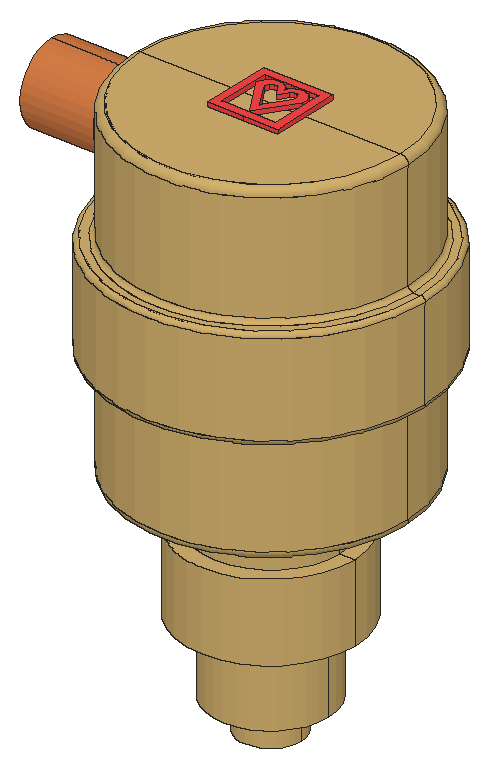
Revit family "Entlüfter 2630 11 (12)", category Rohrzubehör, Revit 2021
Family settings
  Bemaßung runder Anschluss = Durchmesser verwenden
  Teiletyp = Normal
  OmniClass-Nummer = 23.65.55.14
  OmniClass-Titel = Valves for Liquid Services
  Arbeitsebenenbasiert = Nein
  Immer vertikal = Ja
  Beim Laden mit Abzugskörper schneiden = Nein
  Gemeinsam genutzt = Nein
Parameters
  Vorgabe-Ansicht = 0.000 mm
  Schwimmer = "Polypropylen"  # constant formula
  SW = 11.000 mm  # constant formula
  SCRNSEQ = "AWI;AWI_TYP=\"1013\";1"
  SCRNCODE = "05;14;01"  # constant formula
  S05 = 19.000 mm  # constant formula
  S04 = 16.500 mm  # constant formula
  S03 = 24.500 mm  # constant formula
  S02 = 11.000 mm  # constant formula
  S01 = 56.000 mm  # constant formula
  Rückflussverhinderer = "Messing CW617N, EN 12165"  # constant formula
  Min.Betriebstemperatur = 0 °C  # constant formula
  Max.Strukturdruck = 1000000.0 Pa  # constant formula
  Max.Betriebstemperatur = 110 °C  # constant formula
  URL = "www.herz-armaturen.at"
  R02 = 0.600 mm  # constant formula
  R01 = 1.000 mm  # constant formula
  Nennweite [instance] = 15.000 mm
  Medium = "Heizungswasser nach ÖNORM H5195 oder VDI- Richtlinie 2035. Die Verwendung von Ethylen- oder Propyleneglykol in einem Mischungsverhältnis von 25 - 50% ist zulässig. EPDM-Dichtungen können durch Mineralöle und Schmiermittel beeinflusst werden, was zum Versagen der EPDM-Dichtungen führen kann. Bitte beachten Sie die Dokumentation des Herstellers, wenn Ethylenglykol-Produkte für den Frost- und Korrosionsschutz verwendet werden."
  Max.Betriebsdruck = 1000000.0 Pa  # constant formula
  L04 = L02 - L03  # 18.800 mm
  L03 = 9.500 mm  # constant formula
  L02 = 28.300 mm  # constant formula
  L01 = 4.000 mm  # constant formula
  Hersteller = "Herz-Armaturen GmbH"  # constant formula
  H11 = 10.000 mm  # constant formula
  H10 = 2.500 mm  # constant formula
  H09 [instance] = if(Nennweite = 10.000 mm, 30.000 mm, 26.000 mm)  # 26.000 mm
  H08 = H00 - 1.000 mm  # 55.000 mm
  H07 = H00 - 7.500 mm  # 48.500 mm
  H06 = 2.500 mm  # constant formula
  H05 = 9.000 mm  # constant formula
  H04 = 14.500 mm  # constant formula
  H03 = 15.500 mm  # constant formula
  H02 = 13.000 mm  # constant formula
  H01 = 9.500 mm  # constant formula
  H00 = 56.000 mm  # constant formula
  Gehäuse = "geschmiedetes Messing nach EN 12165, CW617N"  # constant formula
  G1 [instance] = Nennweite / 2  # 7.500 mm
  G = 5.000 mm  # constant formula
  Dichtung = "EPDM"  # constant formula
  Deckel = "geschmiedetes Messing nach EN 12165, CW617N"  # constant formula
  D08 = 4.000 mm  # constant formula
  D07 = 9.000 mm  # constant formula
  D06 = 3.400 mm  # constant formula
  D05 = 5.100 mm  # constant formula
  D04 = 12.500 mm  # constant formula
  D03 = 11.000 mm  # constant formula
  D02 = 20.000 mm  # constant formula
  D01 = 17.800 mm  # constant formula
  Bestellnummer [instance] = if(Nennweite = 10.000 mm, 1263011, if(Nennweite = 15.000 mm, 1263012, 0))  # 1263012
  Aussengewindeanschluss = "nach ISO 228"  # constant formula
  Anwendungsgebiet = "Der automatische Schnellentlüfter wird in Heizungs- und Kühlungssysteme zur Entlüftung der Anlage verwendet. Das Ventil sollte in der Nähe des Boilers oder am höchsten Punkt der Anlage installiert werden, um eine garantierte Entlüftung der Anlage an die Umgebung zu gewährleisten."
  Abdeckkappe = "ABS Kunststoff, Rot"  # constant formula
Reference planes
  plane 1 "Mitte (Vorne/hinten)": y = 0
  plane 2: z = 0
  plane 3 "Mitte (Links/rechts)": x = 0
Forms (mm)
  Revolve 1, solid, material "Messing", detail levels fine
    sketch origin (0, 0, 0) x (1, 0, 0) y (0, 0, 1)
      loop
        line (0, 56) -> (-16.8, 56)
        arc (-16.8, 56) -> (-17.507, 55.707) -> (-17.8, 55) r 1
        line (-17.8, 55) -> (-17.8, 41.1)
        arc (-17.8, 41.1) -> (-17.976, 40.676) -> (-18.4, 40.5) r 0.6
        line (-18.4, 40.5) -> (-19.4, 40.5)
        arc (-19.4, 40.5) -> (-19.824, 40.324) -> (-20, 39.9) r 0.6
        line (-20, 39.9) -> (-20, 28.1)
        arc (-20, 28.1) -> (-19.824, 27.676) -> (-19.4, 27.5) r 0.6
        line (-19.4, 27.5) -> (-18.4, 27.5)
        arc (-18.4, 27.5) -> (-17.976, 27.324) -> (-17.8, 26.9) r 0.6
        line (-17.8, 26.9) -> (-17.8, 14)
        arc (-17.8, 14) -> (-17.507, 13.293) -> (-16.8, 13) r 1
        line (-16.8, 13) -> (-13.8, 13) -> (-9, 9.5) -> (-5, 9.5) -> (-5, 0) -> (0, 0) -> (0, 56)
      axis (0, 56) -> (0, 0)
    angle from 0 to 360
  Revolve 2, solid, material "Messing", detail levels fine
    sketch origin (0, 0, 0) x (1, 0, 0) y (0, 0, 1)
      loop
        line (0, 48.5) -> (0, 51.9) -> (-18.8, 51.9) -> (-18.8, 48.5) -> (0, 48.5)
      axis (-18.8, 48.5) -> (0, 48.5)
    angle from 0 to 360
  Revolve 3, solid, material "Kunststoff-Orange", detail levels fine
    sketch origin (0, 0, 0) x (1, 0, 0) y (0, 0, 1)
      loop
        line (-28.3, 48.5) -> (-18.8, 48.5) -> (-18.8, 53.6) -> (-28.3, 53.6) -> (-28.3, 48.5)
      axis (-28.3, 48.5) -> (-18.8, 48.5)
    angle from 0 to 360
  Revolve 4, solid, material "Messing", detail levels fine
    sketch origin (0, 0, 0) x (1, 0, 0) y (0, 0, 1)
      loop
        line (-5, 9.5) -> (-9, 9.5) -> (-9, 7) -> (-11, 7) -> (-11, -3) -> (-7.5, -3) -> (-7.5, -12.5) -> (-4, -12.5) -> (-4, -16.5) -> (0, -16.5) -> (0, 0) -> (-5, 0) -> (-5, 9.5)
      axis (0, 9.5) -> (0, -16.5)
    angle from 0 to 360
Lines and regions (mm)
  model lines, detail levels coarse+medium
    curve 1: line (0, 0, 56) -> (-12.587, 0, 43.413)
    curve 2: line (0, 0, 56) -> (12.587, 0, 43.413)
    curve 3: circle (0, 0, 31.5) r 11 normal (0, -1, 0)
    curve 4: line (0, 0, 42.5) -> (0, 0, 56)
    curve 5: line (0, 0, 20.5) -> (0, 0, 0)
    curve 6: line (-9.5, 0, 0) -> (9.5, 0, 0)
    curve 7: line (9.5, 0, 0) -> (-8.886, 0, -16.5)
    curve 8: line (-8.886, 0, -16.5) -> (10.114, 0, -16.5)
    curve 9: circle (-8.886, 0, -16.5) r 5 normal (0, -1, 0)
    curve 10: line (0, 0, 56) -> (0, -12.587, 43.413)
    curve 11: line (0, 0, 56) -> (0, 12.587, 43.413)
    curve 12: circle (0, 0, 31.5) r 11 normal (1, 0, 0)
    curve 13: line (0, -9.5, 0) -> (0, 9.5, 0)
    curve 14: line (0, 9.5, 0) -> (0, -9.5, -16.5)
    curve 15: line (0, -9.5, -16.5) -> (0, 9.5, -16.5)
    curve 16: circle (0, -9.5, -16.5) r 5 normal (1, 0, 0)
    curve 17: line (0, 56, 0) -> (-12.587, 43.413, 0)
    curve 18: line (-12.587, 43.413, 0) -> (0, 56, 0)
    curve 19: line (0, 56, 0) -> (12.587, 43.413, 0)
    curve 20: circle (0, 31.5, 0) r 11 normal (0, 0, 1)
    curve 21: line (0, 42.5, 0) -> (0, 56, 0)
    curve 22: line (0, 20.5, 0) -> (0, 0, 0)
    curve 23: line (-9.5, 0, 0) -> (9.5, 0, 0)
    curve 24: line (9.5, 0, 0) -> (-9.5, -16.5, 0)
    curve 25: line (-9.5, -16.5, 0) -> (9.5, -16.5, 0)
    curve 26: circle (-9.5, -16.5, 0) r 5 normal (0, 0, 1)
Dimensions and locks
  "H02": Revolve 1 sketch curve to Revolve 1 sketch curve
  "H03": Revolve 1 sketch curve to Revolve 1 sketch curve
  "H04": Revolve 1 sketch curve to Revolve 1 sketch curve
  "L01": Revolve 1 sketch curve to Revolve 1 sketch curve  (x2)
  "D01": Revolve 1 sketch curve to Revolve 1 sketch curve  (x2)
  "D02": Revolve 1 sketch curve to Revolve 1 sketch curve
  "H07": Revolve 2 sketch curve to plane 2
  "D06": Revolve 2 sketch curve to Revolve 2 sketch curve
  "L02": plane 3 "Mitte (Links/rechts)" to Revolve 3 sketch curve
  "L03": Revolve 3 sketch curve to Revolve 3 sketch curve
  "D05": Revolve 3 sketch curve to Revolve 3 sketch curve
  "H07": Revolve 3 sketch curve to plane 2
  "L04": plane 3 "Mitte (Links/rechts)" to Revolve 2 sketch curve
  "H08": nested 1 to plane 2
  "G": Revolve 1 sketch curve to Revolve 1 sketch curve
  "H00": Revolve 1 sketch curve to Revolve 1 sketch curve
  "H01": Revolve 1 sketch curve to Revolve 1 sketch curve
  "G1": Revolve 4 sketch curve to Revolve 4 sketch curve
  "D07": Revolve 4 sketch curve to Revolve 4 sketch curve
  "D08": Revolve 4 sketch curve to Revolve 4 sketch curve
  "H09": Revolve 4 sketch curve to Revolve 4 sketch curve
  "H01": Revolve 4 sketch curve to Revolve 4 sketch curve  (x2)
  "H10": Revolve 4 sketch curve to Revolve 4 sketch curve
  "H11": Revolve 4 sketch curve to Revolve 4 sketch curve
  "SW": Revolve 4 sketch curve to Revolve 4 sketch curve
  "G": Revolve 4 sketch curve to Revolve 4 sketch curve
  "S01": curve 4 to plane 2
  "D01": curve 1 to curve 1
  "D01": curve 2 to curve 2
  "S03": curve 4 to curve 3
  "S05": curve 6 to curve 7
  "S05": curve 8 to curve 8
  "S04": curve 6 to curve 8
  "S01": curve 11 to plane 2
  "D01": curve 10 to curve 10
  "D01": curve 11 to curve 11
  "S03": curve 11 to curve 12
  "S04": curve 15 to curve 13
  "S05": curve 13 to curve 14
  "S05": curve 15 to curve 15
  "S01": plane 1 "Mitte (Vorne/hinten)" to curve 19
  "S03": curve 19 to curve 20
  "D01": curve 18 to curve 18
  "D01": curve 19 to curve 19
  "S05": curve 23 to curve 24
  "S05": curve 25 to curve 24
  "S04": curve 25 to curve 23
  "R01": radius of Revolve 1 sketch curve  (x2)
  "R02": radius of Revolve 1 sketch curve  (x4)
  "S02": radius of curve 3
  "S02": radius of curve 12
  "S02": radius of curve 20
  angle curve 1 to curve 4 = 45.00°
  angle curve 4 to curve 2 = 45.00°
  angle curve 10 to plane 1 "Mitte (Vorne/hinten)" = 45.00°
  angle plane 1 "Mitte (Vorne/hinten)" to curve 11 = 45.00°
  angle curve 18 to curve 21 = 45.00°
  angle curve 21 to curve 19 = 45.00°
  aligned and locked: level to plane 2
Automatic sketch dimensions
  curve 13 to level = 0.000 mm
  curve 10 to plane 1 "Mitte (Vorne/hinten)" = 0.000 mm
  curve 12 to plane 1 "Mitte (Vorne/hinten)" = 0.000 mm
  plane 1 "Mitte (Vorne/hinten)" to curve 14 = 9.500 mm
  curve 16 to curve 14 = 0.000 mm  (x2)
  curve 13 to plane 1 "Mitte (Vorne/hinten)" = 9.500 mm
  curve 6 to level = 0.000 mm
  curve 4 to plane 3 "Mitte (Links/rechts)" = 0.000 mm
  curve 5 to plane 3 "Mitte (Links/rechts)" = 0.000 mm
  curve 3 to plane 3 "Mitte (Links/rechts)" = 0.000 mm
  curve 9 to plane 3 "Mitte (Links/rechts)" = 8.886 mm
  curve 8 to curve 9 = 0.000 mm
  plane 3 "Mitte (Links/rechts)" to curve 6 = 9.500 mm
  curve 9 to curve 7 = 0.000 mm
  plane 1 "Mitte (Vorne/hinten)" to curve 23 = 0.000 mm
  curve 21 to plane 3 "Mitte (Links/rechts)" = 0.000 mm
  curve 22 to plane 3 "Mitte (Links/rechts)" = 0.000 mm
  curve 20 to plane 3 "Mitte (Links/rechts)" = 0.000 mm
  curve 26 to plane 3 "Mitte (Links/rechts)" = 9.500 mm
  curve 24 to curve 26 = 0.000 mm
  curve 22 to curve 23 = 9.500 mm
  curve 26 to curve 24 = 0.000 mm
  Revolve 1 sketch curve to level = 0.000 mm
  Revolve 1 sketch curve to plane 3 "Mitte (Links/rechts)" = 0.000 mm
  plane 3 "Mitte (Links/rechts)" to Revolve 1 sketch curve = 0.000 mm
  Revolve 1 sketch curve to Revolve 1 sketch curve = 2000.000 mm
  Revolve 1 sketch curve to Revolve 1 sketch curve = 1932.500 mm
  Revolve 2 sketch curve to plane 3 "Mitte (Links/rechts)" = 0.000 mm  (x2)
  Revolve 2 sketch curve to Revolve 2 sketch curve = 0.000 mm  (x2)
  Revolve 3 sketch curve to Revolve 3 sketch curve = 0.000 mm  (x3)
  Revolve 4 sketch curve to level = 0.000 mm
  Revolve 4 sketch curve to plane 3 "Mitte (Links/rechts)" = 0.000 mm  (x2)
  Revolve 4 sketch curve to Revolve 4 sketch curve = 340.545 mm
  Revolve 4 sketch curve to Revolve 4 sketch curve = 2204.815 mm
  radius of curve 16 = 5.000 mm
  radius of curve 9 = 5.000 mm
  radius of curve 26 = 5.000 mm
Nested families
  nested 1: "Herz-Logo" at (0, 0, 55), type "Herz-Logo", detail levels fine
Connectors
  piping at (0, 0, -12.5), diameter 15, driven by "Nennweite"
    settings: on Revolve 4, index 1, connector inside diameter 609.6 mm, connector length 0.000 mm, flow factor 0, pipe flow 0.0 L/s, pressure drop 0.0 Pa, fitting loss kfactor 0, connector angle 0.00°, fixture units 0, engagement length 0.000 mm, angle of deflection 0.00°, flow configuration 0, flow direction 0, fitting loss method 0, system type 7, joint type 0, gender type 0, connector reference index -1, connector utility 0, adjustable connector no, is connector primary yes, connector description ""
Definition of nested family "Herz-Logo"
  Parameters (values of type "Herz-Logo")
    Default Elevation = 0.000 mm
  Reference planes
    plane 1 "Mitte (Vorne/hinten)": y = 0
    plane 2: z = 0
    plane 3 "Mitte (Links/rechts)": x = 0
  Forms (mm)
    Extrusion 1, solid
      sketch origin (0, 0, 0) x (1, 0, 0) y (0, 1, 0)
        loop
          line (-0.018, -4.517) -> (4.482, -4.517) -> (4.482, 4.483) -> (-4.518, 4.483) -> (-4.518, -4.517) -> (-0.018, -4.517)
        loop
          line (-0.05, -3.48) -> (3.482, -3.48) -> (3.482, 3.483) -> (-3.518, 3.483) -> (-3.518, -3.48) -> (-0.05, -3.48)
        loop
          arc (-0.018, 2.383) -> (-1.543, 3.287) -> (-3.067, 2.383) r 1.738
          arc (-3.067, 2.383) -> (-3.191, 1.899) -> (-3.067, 1.415) r 1.009
          line (-3.067, 1.415) -> (-0.018, -3.281) -> (3.032, 1.415)
          arc (3.032, 1.415) -> (3.156, 1.899) -> (3.032, 2.383) r 1.009
          arc (3.032, 2.383) -> (1.507, 3.287) -> (-0.018, 2.383) r 1.738
        loop
          arc (1.885, 1.272) -> (2.005, 1.675) -> (1.885, 2.079) r 0.74
          arc (1.885, 2.079) -> (1.265, 2.416) -> (0.644, 2.079) r 0.74
          line (0.644, 2.079) -> (-0.018, 0.97) -> (-0.679, 2.079)
          arc (-0.679, 2.079) -> (-1.3, 2.416) -> (-1.921, 2.079) r 0.74
          arc (-1.921, 2.079) -> (-2.04, 1.675) -> (-1.921, 1.272) r 0.74
          line (-1.921, 1.272) -> (-0.018, -1.658) -> (1.885, 1.272)
      from 0 to 1.5
  Dimensions and locks
    aligned and locked: level to plane 2
